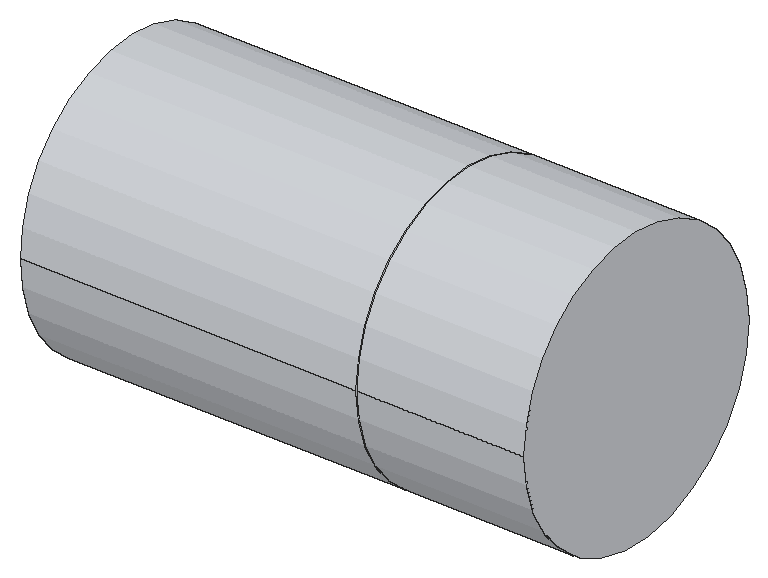
Revit family "M_Encaixe de duto redondo - DTL", category Conexões de duto, Revit 2019
Family settings
  Cota do conector redondo = Usar raio
  Tipo de parte = Derivação - Ajustável
  Número OmniClass = 23.75.70.14
  Título OmniClass = Air Ductwork
  ID de item do Seek = Round Takeoff - DTL-0000-CAN-ENU
  Com base no plano de trabalho = Não
  Sempre na vertical = Sim
  Corte com vazios quando carregada = Não
  Compartilhado = Não
Parameters (values of type "Padrão")
  built-in parameter 1114214 [instance] = 300 mm
  built-in parameter 1114213 [instance] = 150 mm
  built-in parameter 1114215 [instance] = if(Diâmetro > 400 mm, Diâmetro * 0.25, 100 mm)  # 0.32808 (stored number, unit not read)
  Diâmetro [instance] = Raio * 2  # 250 mm
  Raio [instance] = 125 mm
  Assembly Code = ""
Reference planes
  plane 1 "Centro (Frente/Trás)": y = 0
  plane 2: z = 0
  plane 3 "Centro (Esquerda/Direita)": x = 0
  plane 4: x = -300
  plane 5: x = 150
Forms (mm)
  Sweep 1, solid, detail levels medium+fine
    path in 3D
      loop
        line (-300, 0, 0) -> (0, 0, 0)
    profile origin (-150, 0, 0) x (0, 1, 0) y (0, 0, 1)
      loop
        circle (0, 0) r 125
  Sweep 2, solid, detail levels medium+fine
    path in 3D
      loop
        line (0, 0, 0) -> (150, 0, 0)
    profile origin (75, 0, 0) x (0, 1, 0) y (0, 0, 1)
      loop
        circle (0, 0) r 125
Lines and regions (mm)
  reference lines
    curve 1: line (-300, 0, 0) -> (0, 0, 0)
  model lines, not visible, detail levels coarse
    curve 2: line (0, 0, 0) -> (150, 0, 0)
  sketch lines
    curve 3: line (-300, 0, 0) -> (0, 0, 0)
    curve 4: line (0, 0, 0) -> (150, 0, 0)
Dimensions and locks
  "built-in parameter 1114214": plane 4 to plane 3 "Centro (Esquerda/Direita)"
  "built-in parameter 1114213": plane 3 "Centro (Esquerda/Direita)" to plane 5
  "Raio": radius of Sweep 1 sketch curve
  "Raio": radius of Sweep 2 sketch curve
  aligned and locked: plane 4 to curve 1
  aligned and locked: plane 1 "Centro (Frente/Trás)" to curve 1
  aligned and locked: plane 3 "Centro (Esquerda/Direita)" to curve 2
  aligned and locked: plane 5 to curve 2
  aligned and locked: plane 1 "Centro (Frente/Trás)" to curve 2
  aligned and locked: plane 2 to Sweep 1 sketch curve
  aligned and locked: profile plane to plane 1 "Centro (Frente/Trás)"  (x2)
  aligned and locked: plane 2 to Sweep 2 sketch curve
Automatic sketch dimensions
  curve 1 to plane 3 "Centro (Esquerda/Direita)" = 0 mm
  Sweep 1 sketch curve to profile plane = 0 mm
  Sweep 2 sketch curve to profile plane = 0 mm
Connectors
  hvac at (0, 0, 0), driven by "Raio"
    settings: on Sweep 2, index 1, duct flow 0.0 L/s, flow factor 0, pres drop 0.0 Pa, loss coef 0, conn angle 0.00°, conn width 304.8 mm, conn height 304.8 mm, conn diameter 250 mm, duct sys type 28, conn prof type 0, flow config 0, flow direction 0, loss method 0, conn ref index 2, conn util no, is conn primary yes, conn desc ""
  hvac at (150, 0, 0), driven by "Raio"
    settings: on Sweep 2, index 2, duct flow 0.0 L/s, flow factor 0, pres drop 0.0 Pa, loss coef 0, conn angle 0.00°, conn width 304.8 mm, conn height 304.8 mm, conn diameter 250 mm, duct sys type 28, conn prof type 0, flow config 0, flow direction 0, loss method 0, conn ref index 1, conn util no, is conn primary no, conn desc ""
